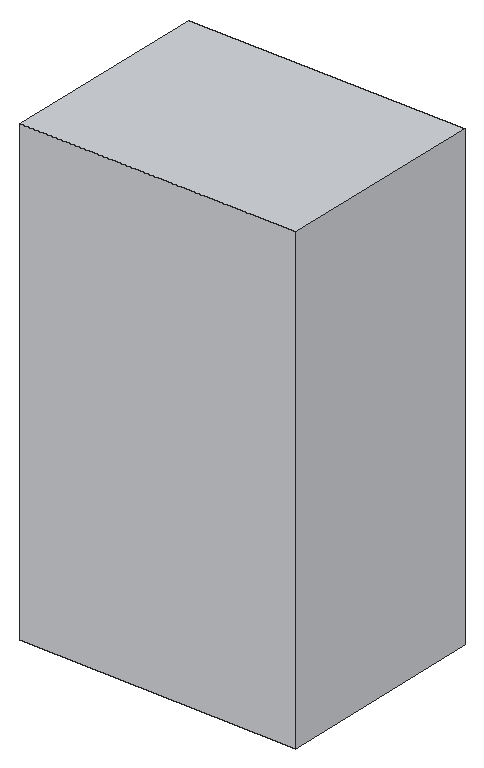
Revit family
Parameters
  Trim Material = Metal - Stainless Steel
  Warranty Duration (Years) = 0
  URL = "http://www.americanspecialties.com/viewCategories.cfm"
  Body Material = Metal - Stainless Steel
  Test Data = ""
  Specification = "http://www.arcat.com/sdspecs/htm/10810asi.htm"
  SpecWizard = ""
  Send Message = "http://www.arcat.com/users.pl?action=UserEmail&company=American%20Specialties,%20Inc.&coid=30448&rep=139&fax=914-476-0688&mf="
  Sales Information = "http://www.americanspecialties.com/contact"
  Revision = "R1_10-2010"
  Product Properties = "http://www.americanspecialties.com/datasheets/8523A.pdf"
  Product Data = "http://www.arcat.com/arcatcos/cos30/arc30448.html"
  Model = "As Specified in 10 28 13"
  Manufacturer Website = "http://www.americanspecialties.com/viewCategories.cfm"
  Manufacturer Phone - Toll Free = ""
  Manufacturer Phone = "914-476-9000 "
  Manufacturer Fax = "914-476-0688"
  Manufacturer Address = "441 Saw Mill River Rd., Yonkers, NY 10701"
  Manufacturer = "American Specialties, Inc."
  Maintenance Schedule (Months) = 0
  Keynote = "10 28 13"
  Installation-Fabrication = "http://www.americanspecialties.com/products.cfm"
  Green Building-LEED = ""
  Expected Lifespan (Years) = 0
  Drawn By = "Robert S. Weygant. CSI, CDT, SCIP"  # constant formula
  Description = "Toilet Accessory as Specified in 10 28 13"
  Default Elevation = 4' - 0"
  Copyright = "©Arcat Inc."
  Construction Details = "http://www.arcat.com/green/clients/leed_data_30448.html"
  Building Codes = "http://www.americanspecialties.com/products.cfm"
  Assembly Code = "C1030210"
Reference planes (in)
  plane 1 "Center (Front/Back)": y = -0.29112
  plane 2 "Floor Line": z = 0
  plane 3 "Center (Left/Right)": x = -0.65843
  plane 4: x = -7.15843
  plane 5: x = -6.65843
  plane 6: y = 8.58388
  plane 7: y = -9.16612
  plane 8: x = -6.65843
  plane 9: x = 5.34157
  plane 10: x = 5.84157
Forms (in)
  Extrusion 1, solid
    sketch origin (-3.65843, -10.3328, -6) x (0, 0, -1) y (1, 0, 0)
      loop
        line (-82, 26) -> (-82, -19.34712) -> (-6, -19.34712) -> (-6, 26) -> (-82, 26)
    from 9 to -25.60721
  Extrusion 2, solid, material "Metal - Stainless Steel" <- "Body Material"
    sketch origin (-0.65843, -1.375, 0) x (0, 1, 0) y (0, 0, 1)
      loop
        line (9.95888, 0) -> (9.95888, 10) -> (-4.04112, 10) -> (-7.79112, 3.99875) -> (-7.79112, 0) -> (9.95888, 0)
    from -6.5 to -6
  Extrusion 3, solid, material "Metal - Stainless Steel" <- "Trim Material"
    sketch origin (-9.53549, 6.96374, 0.5) x (1, 0, 0) y (0, 1, 0)
      loop
        circle (3.96657, -3.54112) r 0.5
      loop
        line (3.9324, -3.16612) -> (3.9324, -3.4644)
        arc (3.9324, -3.4644) -> (3.88259, -3.54112) -> (3.9324, -3.61783) r 0.08398
        line (3.9324, -3.61783) -> (3.9324, -3.91612) -> (4.00073, -3.91612) -> (4.00073, -3.61783)
        arc (4.00073, -3.61783) -> (4.05055, -3.54112) -> (4.00073, -3.4644) r 0.08398
        line (4.00073, -3.4644) -> (4.00073, -3.16612) -> (3.9324, -3.16612)
    from 9.5 to 9.625
  Extrusion 4, void
    sketch origin (0, -1.47062, 0) x (1, 0, 0) y (0, 1, 0)
      loop
        spline (-5.28343, 3.30451) -> (-5.25788, 3.27215) -> (-5.18295, 3.24201) -> (-5.06376, 3.21612) -> (-4.90843, 3.19625) -> (-4.72755, 3.18377) -> (-4.53343, 3.17951) -> (-4.33932, 3.18377) -> (-4.15843, 3.19625) -> (-4.0031, 3.21612) -> (-3.88391, 3.24201) -> (-3.80899, 3.27215) -> (-3.78343, 3.30451)
        spline (-3.78343, 3.30451) -> (-3.80899, 3.33686) -> (-3.88391, 3.36701) -> (-4.0031, 3.3929) -> (-4.15843, 3.41276) -> (-4.33932, 3.42525) -> (-4.53343, 3.42951) -> (-4.72755, 3.42525) -> (-4.90843, 3.41276) -> (-5.06376, 3.3929) -> (-5.18295, 3.36701) -> (-5.25788, 3.33686) -> (-5.28343, 3.30451)
      loop
        spline (3.96657, 3.30451) -> (3.94101, 3.33686) -> (3.86609, 3.36701) -> (3.7469, 3.3929) -> (3.59157, 3.41276) -> (3.41068, 3.42525) -> (3.21657, 3.42951) -> (3.02245, 3.42525) -> (2.84157, 3.41276) -> (2.68624, 3.3929) -> (2.56705, 3.36701) -> (2.49212, 3.33686) -> (2.46657, 3.30451)
        spline (2.46657, 3.30451) -> (2.49212, 3.27215) -> (2.56705, 3.24201) -> (2.68624, 3.21612) -> (2.84157, 3.19625) -> (3.02245, 3.18377) -> (3.21657, 3.17951) -> (3.41068, 3.18377) -> (3.59157, 3.19625) -> (3.7469, 3.21612) -> (3.86609, 3.24201) -> (3.94101, 3.27215) -> (3.96657, 3.30451)
      loop
        spline (-5.28343, -3.07049) -> (-5.25788, -3.10285) -> (-5.18295, -3.13299) -> (-5.06376, -3.15888) -> (-4.90843, -3.17875) -> (-4.72755, -3.19123) -> (-4.53343, -3.19549) -> (-4.33932, -3.19123) -> (-4.15843, -3.17875) -> (-4.0031, -3.15888) -> (-3.88391, -3.13299) -> (-3.80899, -3.10285) -> (-3.78343, -3.07049)
        spline (-3.78343, -3.07049) -> (-3.80899, -3.03814) -> (-3.88391, -3.00799) -> (-4.0031, -2.9821) -> (-4.15843, -2.96224) -> (-4.33932, -2.94975) -> (-4.53343, -2.94549) -> (-4.72755, -2.94975) -> (-4.90843, -2.96224) -> (-5.06376, -2.9821) -> (-5.18295, -3.00799) -> (-5.25788, -3.03814) -> (-5.28343, -3.07049)
      loop
        spline (3.96657, -3.07049) -> (3.94101, -3.03814) -> (3.86609, -3.00799) -> (3.7469, -2.9821) -> (3.59157, -2.96224) -> (3.41068, -2.94975) -> (3.21657, -2.94549) -> (3.02245, -2.94975) -> (2.84157, -2.96224) -> (2.68624, -2.9821) -> (2.56705, -3.00799) -> (2.49212, -3.03814) -> (2.46657, -3.07049)
        spline (2.46657, -3.07049) -> (2.49212, -3.10285) -> (2.56705, -3.13299) -> (2.68624, -3.15888) -> (2.84157, -3.17875) -> (3.02245, -3.19123) -> (3.21657, -3.19549) -> (3.41068, -3.19123) -> (3.59157, -3.17875) -> (3.7469, -3.15888) -> (3.86609, -3.13299) -> (3.94101, -3.10285) -> (3.96657, -3.07049)
    from 0 to 0.25
  Extrusion 5, solid, material "Metal - Stainless Steel" <- "Body Material"
    sketch origin (0.25, 0.25, 0) x (1, 0, 0) y (0, 1, 0)
      loop
        line (-6.81892, 7.86075) -> (-6.81892, -5.16612) -> (4.966, -5.16612) -> (4.966, 7.86075) -> (-6.81892, 7.86075)
    from 9.5 to 10
  Extrusion 6, solid, material "Metal - Stainless Steel" <- "Body Material"
    sketch origin (-0.65843, 0, 0) x (0, 1, 0) y (0, 0, -1)
      loop
        line (8.58388, -10) -> (8.58388, 0) -> (-9.16612, 0) -> (-9.16612, -3.99875) -> (-5.41612, -10) -> (8.58388, -10)
    from -6.5 to -6
  Extrusion 7, solid, material "Metal - Stainless Steel" <- "Body Material"
    sketch origin (0, -0.29112, 0) x (1, 0, 0) y (0, 0, 1)
      loop
        line (-7.15843, 0) -> (5.84157, 0) -> (5.84157, 10) -> (-7.15843, 10) -> (-7.15843, 0)
    from -8.875 to -8.51393
  Extrusion 8, solid, material "Metal - Stainless Steel" <- "Body Material"
    sketch origin (0, 0, 0) x (1, 0, 0) y (0, 1, 0)
      loop
        line (-6.78343, 8.58388) -> (-6.78343, -9.16612) -> (5.46657, -9.16612) -> (5.46657, 8.58388) -> (-6.78343, 8.58388)
    from 0 to 0.25
  Extrusion 9, solid, material "Metal - Stainless Steel" <- "Body Material"
    sketch origin (-0.65843, 0, 0) x (0, 1, 0) y (0, 0, 1)
      loop
        line (-8.91612, 0) -> (-8.66612, 0) -> (-8.66612, 3.18076)
        arc (-8.66612, 3.18076) -> (-6.76231, 7.77695) -> (-2.16612, 9.68076) r 6.5
        line (-2.16612, 9.68076) -> (-2.16612, 9.93076)
        arc (-2.16612, 9.93076) -> (-6.93909, 7.95373) -> (-8.91612, 3.18076) r 6.75
        line (-8.91612, 3.18076) -> (-8.91612, 0)
    from -6 to 6
  Extrusion 10, void
    sketch origin (0, 3.06675, 7.10334) x (1, 0, 0) y (0, 0.707107, 0.707107)
      loop
        line (-6.40843, -8.66612) -> (5.09157, -8.66612) -> (5.09157, -5.41612) -> (-6.40843, -5.41612) -> (-6.40843, -8.66612)
    from 4.50712 to 10
Cuts and joins
  Extrusion 4, Extrusion 10 cuts Extrusion 2
  Extrusion 10 cuts Extrusion 6
  Extrusion 10 cuts Extrusion 7
  Extrusion 4, Extrusion 10 cuts Extrusion 8
  joined: Extrusion 2, Extrusion 6, Extrusion 7, Extrusion 8
  Extrusion 10 cuts Extrusion 9
Dimensions and locks (in)
  aligned and locked: Extrusion 2 to plane 4
  aligned and locked: plane 5 to Extrusion 2
  aligned and locked: cut or joined group of Extrusion 2, Extrusion 4, Extrusion 6, Extrusion 7, Extrusion 8, Extrusion 10 to cut or joined group of Extrusion 2, Extrusion 4, Extrusion 6, Extrusion 7, Extrusion 8, Extrusion 10
  aligned and locked: cut or joined group of Extrusion 2, Extrusion 4, Extrusion 6, Extrusion 7, Extrusion 8, Extrusion 10 to Extrusion 5
  aligned and locked: plane 8 to cut or joined group of Extrusion 2, Extrusion 4, Extrusion 6, Extrusion 7, Extrusion 8, Extrusion 10
  aligned and locked: plane 10 to Extrusion 6
  aligned and locked: Extrusion 6 to plane 9
  aligned and locked: plane 5 to plane 8
  aligned and locked: cut or joined group of Extrusion 2, Extrusion 4, Extrusion 6, Extrusion 7, Extrusion 8, Extrusion 10 to plane 4
  aligned and locked: cut or joined group of Extrusion 2, Extrusion 4, Extrusion 6, Extrusion 7, Extrusion 8, Extrusion 10 to Extrusion 7 sketch curve
  aligned and locked: Extrusion 7 sketch curve to cut or joined group of Extrusion 2, Extrusion 4, Extrusion 6, Extrusion 7, Extrusion 8, Extrusion 10
  aligned and locked: Extrusion 7 sketch curve to Extrusion 6
  aligned and locked: Extrusion 7 to plane 6
  aligned and locked: Extrusion 8 to level
  aligned and locked: plane 6 to Extrusion 2 sketch curve
  aligned and locked: Extrusion 6 sketch curve to cut or joined group of Extrusion 2, Extrusion 4, Extrusion 6, Extrusion 7, Extrusion 8, Extrusion 10  (x3)
  aligned and locked: cut or joined group of Extrusion 2, Extrusion 4, Extrusion 6, Extrusion 7, Extrusion 8, Extrusion 10 to Extrusion 6 sketch curve
  aligned and locked: Extrusion 7 sketch curve to Extrusion 5
  aligned and locked: Extrusion 8 to Extrusion 2
  aligned and locked: Extrusion 9 to plane 8
  aligned and locked: plane 9 to Extrusion 9
  aligned and locked: Extrusion 2 to Extrusion 8
